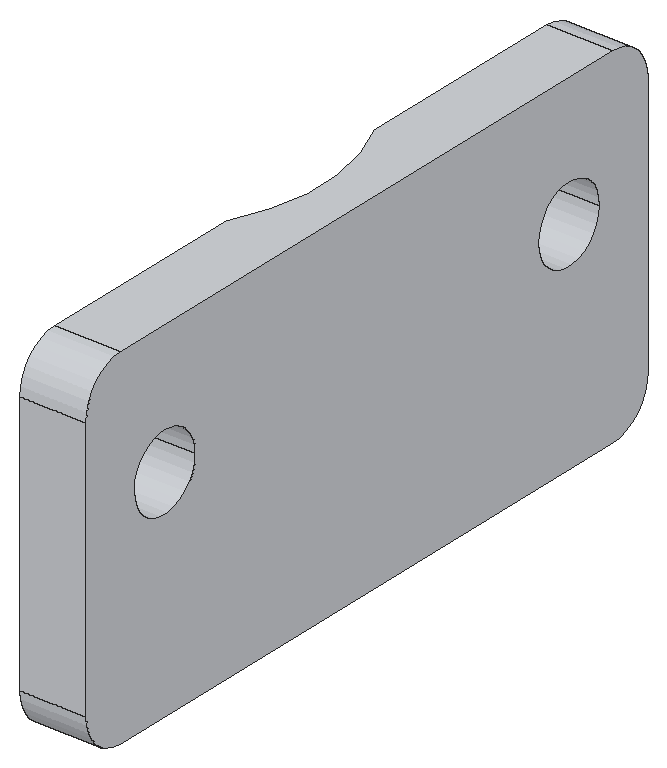
Revit family "RRMODTNT", category Generic Models, Revit 2018
Family settings
  Can host rebar = No
  Round Connector Dimension = Use Diameter
  Part Type = Normal
  Work Plane-Based = Yes
  Always vertical = No
  Cut with Voids When Loaded = No
  Shared = Yes
  Room Calculation Point = No
Parameters (values of type "RRMODTNT.PLT2X4")
  Width = 4.000"
  Ship Complete Level [instance] = ""
  Required Date [instance] = ""
  Post Radius = 1.190"
  Job [instance] = ""
  Hole Offset = 0.560"
  Height = 2.000"
  Group/Run [instance] = ""
  Description = "2\"x 4\" Plate for Tented Rack mount to Post"
  Depth = 0.375"
  Plate Material [instance] = none
  Default Elevation = 48.000"
  Custom [instance] = ""
  Catalog Number = "RRMODTNT.PLT2X4"
  Assembly Name [instance] = ""
  Assembly ID [instance] = ""
Types (2): name | Width | Hole Offset | Height | Description | Catalog Number
  RRMODTNT.PLT2X4 | 4.000" | 0.560" | 2.000" | "2\"x 4\" Plate for Tented Rack mount to Post" | "RRMODTNT.PLT2X4"
  RRMODTNT.PLT3X5 | 5.000" | 1.070" | 3.000" | "3\"x 5\" Plate for Tented Rack mount to Post" | "RRMODTNT.PLT3X5"
Reference planes (in)
  plane 1 "Center (Front/Back)": y = 0
  plane 2: z = 0
  plane 3 "Center (Left/Right)": x = 0
  plane 4 "Plate Back": x = 1.435
  plane 5 "Post Radius": x = 1.19
  plane 6 "Plate Right": y = 2
  plane 7 "Plate Left": y = -2
  plane 8 "Plate Front": x = 1.06
  plane 9 "Bottom": z = -1.59099
  plane 10: z = -1.59099
  plane 11 "Top": z = 0.40901
  plane 12 "Plate CL": z = -0.59099
  plane 13 "Hole Vertical": z = -0.34099
  plane 14 "Left Hole": y = -1.44
  plane 15 "Right Hole": y = 1.44
  plane 16: z = 0.53401
  plane 17: y = -2.125
  plane 18: y = 2.125
  plane 19: z = -1.71599
  plane 20: y = -1.75
  plane 21: y = 1.75
  plane 22: z = -1.34099
  plane 23: z = 0.15901
Forms (in)
  Extrusion 1, solid, material <- "Plate Material"
    sketch origin (0, 0, 0) x (1, 0, 0) y (0, 1, 0)
      loop
        arc (1.06, 0.52498) -> (1.19, 0) -> (1.06, -0.52498) r 1.125
        line (1.06, -0.52498) -> (1.06, -2) -> (1.435, -2) -> (1.435, 2) -> (1.06, 2) -> (1.06, 0.52498)
    from -1.59099 to 0.40901
  Extrusion 2, void
    sketch origin (1.06, 0, 0) x (0, 1, 0) y (0, 0, 1)
      loop
        circle (-1.44, -0.34099) r 0.219
      loop
        circle (1.44, -0.34099) r 0.219
    from 0 to 0.375
  Extrusion 3, void
    sketch origin (1.06, 0, 0) x (0, 1, 0) y (0, 0, 1)
      loop
        line (-1.75, 0.40901) -> (-1.75, 0.53401) -> (-2.125, 0.53401) -> (-2.125, 0.15901) -> (-2, 0.15901)
        arc (-2, 0.15901) -> (-1.92678, 0.33579) -> (-1.75, 0.40901) r 0.25
      loop
        arc (1.75, 0.40901) -> (1.92678, 0.33579) -> (2, 0.15901) r 0.25
        line (2, 0.15901) -> (2.125, 0.15901) -> (2.125, 0.53401) -> (1.75, 0.53401) -> (1.75, 0.40901)
      loop
        arc (-1.75, -1.59099) -> (-1.92678, -1.51777) -> (-2, -1.34099) r 0.25
        line (-2, -1.34099) -> (-2.125, -1.34099) -> (-2.125, -1.71599) -> (-1.75, -1.71599) -> (-1.75, -1.59099)
      loop
        line (1.75, -1.59099) -> (1.75, -1.71599) -> (2.125, -1.71599) -> (2.125, -1.34099) -> (2, -1.34099)
        arc (2, -1.34099) -> (1.92678, -1.51777) -> (1.75, -1.59099) r 0.25
    from 0 to 0.375
Cuts and joins
  Extrusion 2, Extrusion 3 cuts Extrusion 1
Dimensions and locks (in)
  "Post Radius": plane 3 "Center (Left/Right)" to plane 5 "Post Radius"
  equal spacing: plane 7 "Plate Left", plane 1 "Center (Front/Back)", plane 6 "Plate Right"
  "Width": plane 7 "Plate Left" to plane 6 "Plate Right"
  locked: plane 8 "Plate Front" to plane 5 "Post Radius" at 0.13
  "Depth": plane 8 "Plate Front" to plane 4 "Plate Back"
  equal spacing: plane 11 "Top", plane 12 "Plate CL", plane 9 "Bottom"
  "Height": plane 11 "Top" to plane 9 "Bottom"
  "Hole Offset": plane 7 "Plate Left" to plane 14 "Left Hole"
  "Hole Offset": plane 15 "Right Hole" to plane 6 "Plate Right"
  locked: plane 13 "Hole Vertical" to plane 11 "Top" at 0.75
  locked: plane 17 to plane 7 "Plate Left" at 0.125
  locked: plane 6 "Plate Right" to plane 18 at 0.125
  locked: plane 11 "Top" to plane 16 at 0.125
  locked: plane 19 to plane 9 "Bottom" at 0.125
  locked: plane 23 to plane 11 "Top" at 0.25
  locked: plane 9 "Bottom" to plane 22 at 0.25
  locked: plane 7 "Plate Left" to plane 20 at 0.25
  locked: plane 21 to plane 6 "Plate Right" at 0.25
  aligned and locked: level to plane 2
  aligned and locked: Extrusion 1 sketch curve to plane 7 "Plate Left"
  aligned and locked: plane 8 "Plate Front" to Extrusion 1 sketch curve  (x2)
  aligned and locked: Extrusion 1 sketch curve to plane 4 "Plate Back"
  aligned and locked: plane 6 "Plate Right" to Extrusion 1 sketch curve
  aligned and locked: plane 10 to Extrusion 1
  aligned and locked: plane 13 "Hole Vertical" to Extrusion 2 sketch curve  (x2)
  aligned and locked: plane 14 "Left Hole" to Extrusion 2 sketch curve
  aligned and locked: plane 15 "Right Hole" to Extrusion 2 sketch curve
  aligned and locked: plane 4 "Plate Back" to Extrusion 2
  aligned and locked: Extrusion 3 sketch curve to plane 17
  aligned and locked: plane 17 to Extrusion 3 sketch curve
  aligned and locked: Extrusion 3 sketch curve to plane 18
  aligned and locked: plane 18 to Extrusion 3 sketch curve
  aligned and locked: Extrusion 3 sketch curve to plane 16
  aligned and locked: plane 16 to Extrusion 3 sketch curve
  aligned and locked: plane 19 to Extrusion 3 sketch curve
  aligned and locked: Extrusion 3 sketch curve to plane 19
  aligned and locked: plane 20 to Extrusion 3 sketch curve
  aligned and locked: Extrusion 3 sketch curve to plane 20
  aligned and locked: plane 22 to Extrusion 3 sketch curve
  aligned and locked: Extrusion 3 sketch curve to plane 23
  aligned and locked: Extrusion 3 sketch curve to plane 21
  aligned and locked: plane 21 to Extrusion 3 sketch curve
  aligned and locked: Extrusion 3 sketch curve to plane 22
  aligned and locked: plane 23 to Extrusion 3 sketch curve
  aligned and locked: plane 4 "Plate Back" to Extrusion 3
  aligned and locked: cut or joined group of Extrusion 1, Extrusion 2, Extrusion 3 to plane 11 "Top"
Automatic sketch dimensions
  plane 1 "Center (Front/Back)" to Extrusion 1 sketch curve = 0.52498"
  plane 3 "Center (Left/Right)" to Extrusion 1 sketch curve = 0.065"
  plane 1 "Center (Front/Back)" to Extrusion 1 sketch curve = 0.000"
  Extrusion 3 sketch curve to plane 7 "Plate Left" = 0.000"  (x2)
  Extrusion 3 sketch curve to plane 6 "Plate Right" = 0.000"  (x2)
  radius of Extrusion 2 sketch curve = 0.219"  (x2)
